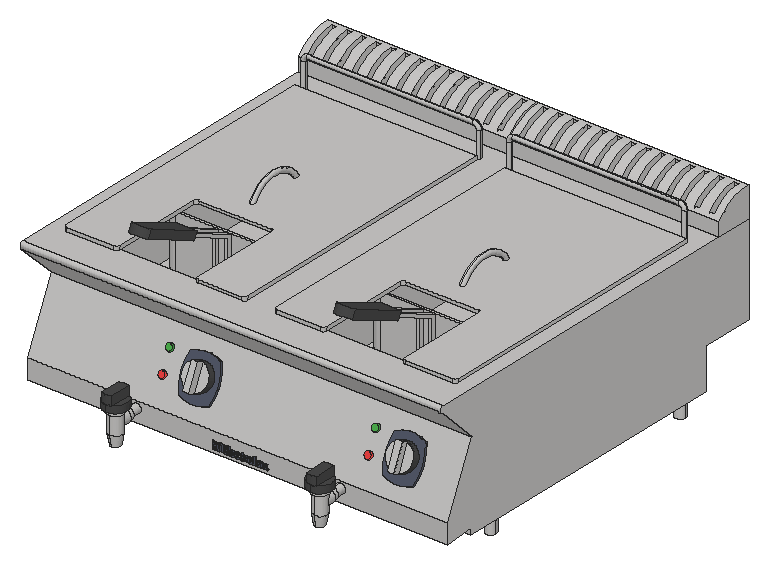
Revit family "QF_ELECTROLUXPROFESSIONAL_371143_E7FREH2E0N", category Specialty Equipment, Revit 2018
Family settings
  Round Connector Dimension = Use Diameter
  Part Type = Normal
  Work Plane-Based = No
  Always vertical = Yes
  Cut with Voids When Loaded = No
  Shared = No
  Room Calculation Point = No
Parameters
  Width = 800 mm  # constant formula
  Weight in Pounds = 99  # constant formula
  Watts = 17400 VA  # 17400 W
  Volts = 230 V  # constant formula
  URL Cutsheet = "www.electrolux.com/foodservice"
  URL = "www.electrolux.com/foodservice"
  Type Mark [instance] = ""
  Status [instance] = ""
  Specification by User [instance] = ""
  Specification by Manufacturer = ""
  Show Logo [instance] = yes
  Show Clearance [instance] = yes
  Serial Number = ""
  Seismic Rating = ""
  SMACNA No = ""
  Revision Code [instance] = ""
  Phase = 3  # constant formula
  Omniclass Number and Title = ""
  Number of Poles [instance] = 1
  NAFEM Spec ID Number = ""
  Model = "371143"
  Min Ckt Ampacity = 0 A
  Max Overcurrent Protection = 0 A
  Masterspec = ""
  Manufacturer = "ELECTROLUX"
  Item Number [instance] = ""
  Installed By [instance] = ""
  Identify Quantity as Lot [instance] = yes
  Height = 333 mm  # constant formula
  HP = "23.3 HP"
  Furnished By [instance] = ""
  Foodservice Equipment Identifier [instance] = yes
  FL Amps = if(Phase = 3, Watts / (Volts * 1.73), Watts / Volts)  # 43.7296 A
  Electrical Remarks [instance] = "230 V/3 ph/50/60 Hz"  # constant formula
  Electric Connection Type [instance] = ""
  Elec Conn RI Height [instance] = 0 mm
  Elec Conn Connection Height [instance] = 0 mm
  Direct Waste Size = 0"
  Description = "700XP Two 12 Lt. Wells Electric Fryer Top - 230V"
  Depth = 730 mm  # constant formula
  Cycle = if([60 Hertz Option], 60 Hz, 50 Hz)  # 60 Hz
  Conn Plug = ""
  Conn Conduit = yes
  CSI MasterFormat = ""
  CSI Master Format = ""
  Base Height [instance] = 25.4 mm  # constant formula
  Apparent Power = if(Phase = 3, Volts * FL Amps * 1.73, Volts * FL Amps)  # 17400 VA
  60 Hertz Option = not([50 Hertz Option])  # yes
  50 Hertz Option = no
Reference planes
  plane 1 "BACK": y = 0
  plane 2: z = 0
  plane 3 "LEFT": x = 0
  plane 4 "RIGHT": x = 800
  plane 5 "FRONT": y = -730
  plane 6 "TOP": z = 333
  plane 7 "Center Y": x = 400
  plane 8 "Center X": y = -365
  plane 9 "BASE": z = 25.4
  plane 10 "TOP A": z = 274.638
  plane 11: y = -597.884
  plane 12: y = -147.637
  plane 13: z = 366.713
Forms (mm)
  Extrusion 1, solid, material "QF_Finishes_Stainless Steel"
    sketch origin (0, 0, 0) x (0, 1, 0) y (0, 0, 1)
      loop
        line (0, 274.638) -> (-725.027, 274.638)
        arc (-725.027, 274.638) -> (-730.893, 270.718) -> (-729.517, 263.797) r 6.35
        line (-729.517, 263.797) -> (-657.416, 191.447) -> (-713.522, 70.59) -> (-713.522, 32.49) -> (-660.4, 38.1) -> (-660.4, 25.4) -> (-101.6, 25.4) -> (-101.6, 103.188) -> (0, 103.188) -> (0, 274.638)
    from 0 to 800
  Extrusion 2, solid, material "QF_Finishes_Stainless Steel"
    sketch origin (0, 0, 0) x (0, 1, 0) y (0, 0, 1)
      loop
        line (0, 274.638) -> (0, 333)
        arc (0, 333) -> (-38.795, 324.72) -> (-69.85, 300.038) r 86.758
        line (-69.85, 300.038) -> (-69.85, 274.638) -> (0, 274.638)
    from 0 to 800
  Extrusion 3, void
    sketch origin (0, 0, 274.638) x (-1, 0, 0) y (0, -1, 0)
      loop
        line (-33.338, 147.762) -> (-33.338, 655.762) -> (-373.012, 655.762) -> (-373.012, 147.762) -> (-33.338, 147.762)
      loop
        line (-766.662, 655.762) -> (-766.662, 147.762) -> (-426.987, 147.762) -> (-426.987, 655.762) -> (-766.662, 655.762)
    from 0 to -152.4
  Extrusion 4, void
    sketch origin (0, 0, 274.638) x (-1, 0, 0) y (0, -1, 0)
      loop
        line (-13.453, 6.761) -> (-13.453, 63.911) -> (-22.749, 63.911) -> (-22.749, 6.761) -> (-13.453, 6.761)
    from 25.4 to 63.5
  Extrusion 5, solid, material "QF_Finishes_Stainless Steel"
    sketch origin (0, 0, 0) x (1, 0, 0) y (0, 1, 0)
      loop
        circle (11.112, -147.638) r 9.525
      loop
        circle (11.112, -597.884) r 9.525
      loop
        circle (788.887, -147.638) r 9.525
      loop
        circle (788.887, -597.884) r 9.525
    from 0 to 25.4
  Extrusion 6, solid, material "QF_Finishes_Navy Blue"
    sketch origin (101.6, -713.522, 70.59) x (0, 0.421077, 0.907025) y (-1, 0, 0)
      loop
        arc (101.077, -565.788) -> (66.2, -558.771) -> (31.333, -565.832) r 89.894
        arc (31.333, -565.832) -> (24.638, -594.363) -> (31.333, -622.893) r 64.14
        arc (31.333, -622.893) -> (66.2, -629.955) -> (101.077, -622.938) r 89.894
        arc (101.077, -622.938) -> (107.792, -594.363) -> (101.077, -565.788) r 64.16
      loop
        arc (101.077, -177.065) -> (66.2, -170.048) -> (31.333, -177.11) r 89.894
        arc (31.333, -177.11) -> (24.638, -205.64) -> (31.333, -234.171) r 64.14
        arc (31.333, -234.171) -> (66.2, -241.236) -> (101.077, -234.215) r 89.853
        arc (101.077, -234.215) -> (107.792, -205.64) -> (101.077, -177.065) r 64.16
    from 0 to 3.175
  Extrusion 7, solid, material "QF_Finishes_Stainless Steel"
    sketch origin (101.6, -716.402, 71.927) x (0, 0.421077, 0.907025) y (-1, 0, 0)
      loop
        circle (68.826, -594.351) r 25.4
      loop
        circle (68.826, -205.413) r 25.4
    from 0 to 12.7
  Extrusion 8, solid, material "QF_Finishes_Stainless Steel"
    sketch origin (101.6, -727.921, 77.275) x (0, 0.421077, 0.907025) y (-1, 0, 0)
      loop
        arc (93.558, -600.137) -> (94.226, -594.351) -> (93.558, -588.564) r 25.4
        line (93.558, -588.564) -> (44.094, -588.564)
        arc (44.094, -588.564) -> (43.426, -594.351) -> (44.094, -600.137) r 25.4
        line (44.094, -600.137) -> (93.558, -600.137)
      loop
        arc (93.558, -211.199) -> (94.226, -205.413) -> (93.558, -199.627) r 25.4
        line (93.558, -199.627) -> (44.094, -199.627)
        arc (44.094, -199.627) -> (43.426, -205.413) -> (44.094, -211.199) r 25.4
        line (44.094, -211.199) -> (93.558, -211.199)
    from 0 to 12.7
  Extrusion 9, solid, material "QF_Finishes_Green"
    sketch origin (101.6, -713.522, 70.59) x (0, 0.421077, 0.907025) y (-1, 0, 0)
      loop
        circle (93.566, -530.485) r 6.35
      loop
        circle (93.566, -138.473) r 6.35
    from 0 to 3.175
  Extrusion 10, solid, material "QF_Finishes_Red"
    sketch origin (101.6, -713.522, 70.59) x (0, 0.421077, 0.907025) y (-1, 0, 0)
      loop
        circle (50.809, -530.485) r 6.35
      loop
        circle (50.809, -138.473) r 6.35
    from 0 to 3.175
  Revolve 11, solid, material "QF_Finishes_Stainless Steel"
    sketch origin (206.375, 0, 0) x (0, 1, 0) y (0, 0, 1)
      loop
        line (-762.926, 17.277) -> (-753.917, 17.277) -> (-750.301, 37.788) -> (-750.301, 74.129) -> (-747.023, 74.129) -> (-747.023, 82.008) -> (-740.673, 82.008) -> (-740.673, 94.708) -> (-762.926, 94.708) -> (-762.926, 17.277)
      axis (-762.926, 17.277) -> (-762.926, 94.708)
    angle from 0 to 360
  Revolve 12, solid, material "QF_Finishes_Stainless Steel"
    sketch origin (206.375, 0, 0) x (0, 1, 0) y (0, 0, 1)
      loop
        line (-713.522, 57.15) -> (-764.322, 57.15) -> (-764.322, 44.847) -> (-742.357, 44.847) -> (-742.357, 46.549) -> (-733.364, 46.549) -> (-733.364, 48.596) -> (-713.522, 48.596) -> (-713.522, 57.15)
      axis (-764.322, 57.15) -> (-713.522, 57.15)
    angle from 0 to 360
  Revolve 13, solid, material "QF_Finishes_Stainless Steel"
    sketch origin (595.312, 0, 0) x (0, 1, 0) y (0, 0, 1)
      loop
        line (-762.926, 17.277) -> (-753.917, 17.277) -> (-750.301, 37.788) -> (-750.301, 74.129) -> (-747.023, 74.129) -> (-747.023, 82.008) -> (-740.673, 82.008) -> (-740.673, 94.708) -> (-762.926, 94.708) -> (-762.926, 17.277)
      axis (-762.926, 17.277) -> (-762.926, 94.708)
    angle from 0 to 360
  Revolve 14, solid, material "QF_Finishes_Stainless Steel"
    sketch origin (595.312, 0, 0) x (0, 1, 0) y (0, 0, 1)
      loop
        line (-713.522, 57.15) -> (-764.322, 57.15) -> (-764.322, 44.847) -> (-742.357, 44.847) -> (-742.357, 46.549) -> (-733.364, 46.549) -> (-733.364, 48.596) -> (-713.522, 48.596) -> (-713.522, 57.15)
      axis (-764.322, 57.15) -> (-713.522, 57.15)
    angle from 0 to 360
  Extrusion 15, solid, material "QF_Finishes_Black"
    sketch origin (206.375, -762.926, 94.708) x (0, 1, 0) y (-1, 0, 0)
      loop
        line (20.063, 9.626) -> (-20.063, 9.626)
        arc (-20.063, 9.626) -> (-22.253, 0) -> (-20.063, -9.626) r 22.253
        line (-20.063, -9.626) -> (20.063, -9.626)
        arc (20.063, -9.626) -> (22.253, 0) -> (20.063, 9.626) r 22.253
      loop
        line (20.063, -379.312) -> (-20.063, -379.312)
        arc (-20.063, -379.312) -> (-22.253, -388.937) -> (-20.063, -398.563) r 22.253
        line (-20.063, -398.563) -> (20.063, -398.563)
        arc (20.063, -398.563) -> (22.253, -388.937) -> (20.063, -379.312) r 22.253
    from 0 to 16.412
  Extrusion 16, solid, material "QF_Finishes_Stainless Steel"
    sketch origin (0, -101.6, 103.188) x (0, 0, -1) y (-1, 0, 0)
      loop
        circle (43.882, -736.5) r 12.7
    from 0 to 12.7
  Extrusion 17, solid, material "QF_Finishes_Clearance", visible <- "Show Clearance", detail levels coarse
    sketch origin (0, 0, 0) x (1, 0, 0) y (0, 1, 0)
      loop
        line (0, -731.377) -> (0, 0) -> (800, 0) -> (800, -731.377) -> (950.019, -731.377) -> (950.019, 150.019) -> (-150.019, 150.019) -> (-150.019, -731.377) -> (0, -731.377)
    from 0 to 333
  Extrusion 18, solid, material "QF_Finishes_Stainless Steel"
    sketch origin (0, 0, 274.638) x (-1, 0, 0) y (0, -1, 0)
      loop
        arc (-26.988, 655.762) -> (-28.847, 660.252) -> (-33.338, 662.112) r 6.35
        line (-33.338, 662.112) -> (-122.238, 662.112)
        arc (-122.238, 662.112) -> (-126.728, 660.252) -> (-128.588, 655.762) r 6.35
        line (-128.588, 655.762) -> (-128.588, 481.012)
        arc (-128.588, 481.012) -> (-130.447, 476.521) -> (-134.938, 474.662) r 6.35
        line (-134.938, 474.662) -> (-271.412, 474.662)
        arc (-271.412, 474.662) -> (-275.903, 476.521) -> (-277.762, 481.012) r 6.35
        line (-277.762, 481.012) -> (-277.762, 655.762)
        arc (-277.762, 655.762) -> (-279.622, 660.252) -> (-284.112, 662.112) r 6.35
        line (-284.112, 662.112) -> (-366.662, 662.112)
        arc (-366.662, 662.112) -> (-371.153, 660.252) -> (-373.012, 655.762) r 6.35
        line (-373.012, 655.762) -> (-373.012, 112.837) -> (-26.988, 112.837) -> (-26.988, 655.762)
      loop
        line (-773.012, 655.762) -> (-773.012, 112.837) -> (-426.987, 112.837) -> (-426.987, 655.762)
        arc (-426.987, 655.762) -> (-428.847, 660.252) -> (-433.337, 662.112) r 6.35
        line (-433.337, 662.112) -> (-515.887, 662.112)
        arc (-515.887, 662.112) -> (-520.378, 660.252) -> (-522.237, 655.762) r 6.35
        line (-522.237, 655.762) -> (-522.237, 481.012)
        arc (-522.237, 481.012) -> (-524.097, 476.521) -> (-528.587, 474.662) r 6.35
        line (-528.587, 474.662) -> (-665.062, 474.662)
        arc (-665.062, 474.662) -> (-669.553, 476.521) -> (-671.412, 481.012) r 6.35
        line (-671.412, 481.012) -> (-671.412, 655.762)
        arc (-671.412, 655.762) -> (-673.272, 660.252) -> (-677.762, 662.112) r 6.35
        line (-677.762, 662.112) -> (-766.662, 662.112)
        arc (-766.662, 662.112) -> (-771.153, 660.252) -> (-773.012, 655.762) r 6.35
    from 0 to 6.35
  Sweep 19, solid, material "QF_Finishes_Stainless Steel"
    path origin (0, 36.513, 0) x (1, 0, 0) y (0, 0, 1)
      loop
        line (39.688, 274.638) -> (39.688, 323.475)
        arc (39.688, 323.475) -> (41.547, 327.965) -> (46.038, 329.825) r 6.35
        line (46.038, 329.825) -> (362.669, 329.825)
        arc (362.669, 329.825) -> (367.16, 327.965) -> (369.019, 323.475) r 6.35
        line (369.019, 323.475) -> (369.019, 274.637)
    profile origin (39.688, 36.513, 299.056) x (-1, 0, 0) y (0, -1, 0)
      loop
        circle (2.09, 140.754) r 3.827
  Extrusion 20, solid, material "QF_Finishes_Black"
    sketch origin (271.462, -708.83, 366.66) x (0, 0.906308, -0.422618) y (-1, 0, 0)
      loop
        line (10.103, 47.37) -> (128.716, 47.37) -> (128.716, 84.605) -> (10.103, 84.605)
        arc (10.103, 84.605) -> (-0.124, 65.987) -> (10.103, 47.37) r 22.059
    from -15.884 to 0
  Extrusion 21, solid, material "QF_Finishes_Stainless Steel"
    sketch origin (271.463, 41.275, 0) x (0, 1, 0) y (0, 0, 1)
      loop
        line (-547.91, 165.638) -> (-547.91, 267.115) -> (-635.463, 307.942) -> (-638.147, 302.187) -> (-554.26, 263.07) -> (-554.26, 165.638) -> (-547.91, 165.638)
    from -80.476 to -74.619
  Extrusion 22, solid, material "QF_Finishes_Stainless Steel"
    sketch origin (139.588, 41.275, 0) x (0, 1, 0) y (0, 0, -1)
      loop
        line (-554.26, -263.07) -> (-638.147, -302.187) -> (-635.463, -307.942) -> (-547.91, -267.115) -> (-547.91, -165.638) -> (-554.26, -165.638) -> (-554.26, -263.07)
    from -80.476 to -74.619
  Sweep 23, solid, material "QF_Finishes_Stainless Steel"
    path origin (200.025, -0.124, 0) x (0, 1, 0) y (0, 0, 1)
      loop
        arc (-323.261, 274.638) -> (-377.7, 308.416) -> (-432.139, 274.638) r 60.757
    profile origin (200.025, -377.824, 308.416) x (0, 0, -1) y (1, 0, 0)
      loop
        circle (0, 0) r 4.353
  Sweep 24, solid, material "QF_Finishes_Stainless Steel"
    path origin (600.075, -0.124, 0) x (0, 1, 0) y (0, 0, -1)
      loop
        arc (-323.261, -274.638) -> (-377.7, -308.416) -> (-432.139, -274.638) r 60.757
    profile origin (600.075, -377.824, 308.416) x (0, 0, 1) y (-1, 0, 0)
      loop
        circle (0, 0) r 4.353
  Extrusion 25, solid, material "QF_Finishes_Black"
    sketch origin (528.637, -708.83, 366.66) x (0, 0.906308, -0.422618) y (-1, 0, 0)
      loop
        arc (10.103, -47.27) -> (-0.124, -65.887) -> (10.103, -84.505) r 22.059
        line (10.103, -84.505) -> (128.716, -84.505) -> (128.716, -47.27) -> (10.103, -47.27)
    from -15.884 to 0
  Extrusion 26, solid, material "QF_Finishes_Mesh"
    sketch origin (0, 0, 274.638) x (-1, 0, 0) y (0, -1, 0)
      loop
        arc (-116.625, 189.135) -> (-98.665, 196.575) -> (-91.225, 214.535) r 25.4
        line (-91.225, 214.535) -> (-91.225, 481.11)
        arc (-91.225, 481.11) -> (-98.665, 499.071) -> (-116.625, 506.51) r 25.4
        line (-116.625, 506.51) -> (-294.375, 506.51)
        arc (-294.375, 506.51) -> (-312.336, 499.071) -> (-319.775, 481.11) r 25.4
        line (-319.775, 481.11) -> (-319.775, 214.535)
        arc (-319.775, 214.535) -> (-312.336, 196.575) -> (-294.375, 189.135) r 25.4
        line (-294.375, 189.135) -> (-116.625, 189.135)
      loop
        arc (-116.625, 192.31) -> (-100.91, 198.82) -> (-94.4, 214.535) r 22.225
        line (-94.4, 214.535) -> (-94.4, 481.11)
        arc (-94.4, 481.11) -> (-100.91, 496.826) -> (-116.625, 503.335) r 22.225
        line (-116.625, 503.335) -> (-294.375, 503.335)
        arc (-294.375, 503.335) -> (-310.091, 496.826) -> (-316.6, 481.11) r 22.225
        line (-316.6, 481.11) -> (-316.6, 214.535)
        arc (-316.6, 214.535) -> (-310.091, 198.82) -> (-294.375, 192.31) r 22.225
        line (-294.375, 192.31) -> (-116.625, 192.31)
      loop
        line (-683.375, 189.135) -> (-505.625, 189.135)
        arc (-505.625, 189.135) -> (-487.664, 196.575) -> (-480.225, 214.535) r 25.4
        line (-480.225, 214.535) -> (-480.225, 481.11)
        arc (-480.225, 481.11) -> (-487.664, 499.071) -> (-505.625, 506.51) r 25.4
        line (-505.625, 506.51) -> (-683.375, 506.51)
        arc (-683.375, 506.51) -> (-701.335, 499.071) -> (-708.775, 481.11) r 25.4
        line (-708.775, 481.11) -> (-708.775, 214.535)
        arc (-708.775, 214.535) -> (-701.335, 196.575) -> (-683.375, 189.135) r 25.4
      loop
        line (-683.375, 192.31) -> (-505.625, 192.31)
        arc (-505.625, 192.31) -> (-489.909, 198.82) -> (-483.4, 214.535) r 22.225
        line (-483.4, 214.535) -> (-483.4, 481.11)
        arc (-483.4, 481.11) -> (-489.909, 496.826) -> (-505.625, 503.335) r 22.225
        line (-505.625, 503.335) -> (-683.375, 503.335)
        arc (-683.375, 503.335) -> (-699.09, 496.826) -> (-705.6, 481.11) r 22.225
        line (-705.6, 481.11) -> (-705.6, 214.535)
        arc (-705.6, 214.535) -> (-699.09, 198.82) -> (-683.375, 192.31) r 22.225
    from -109 to -5.315
  Extrusion 27, solid, material "QF_Finishes_Stainless Steel"
    sketch origin (528.637, 41.275, 0) x (0, 1, 0) y (0, 0, -1)
      loop
        line (-547.91, -165.638) -> (-554.26, -165.638) -> (-554.26, -263.07) -> (-638.147, -302.187) -> (-635.463, -307.942) -> (-547.91, -267.115) -> (-547.91, -165.638)
    from -80.476 to -74.619
  Extrusion 28, solid, material "QF_Finishes_Stainless Steel"
    sketch origin (660.512, 41.275, 0) x (0, 1, 0) y (0, 0, 1)
      loop
        line (-554.26, 263.07) -> (-554.26, 165.638) -> (-547.91, 165.638) -> (-547.91, 267.115) -> (-635.463, 307.942) -> (-638.147, 302.187) -> (-554.26, 263.07)
    from -80.476 to -74.619
  Sweep 29, solid, material "QF_Finishes_Stainless Steel"
    path origin (800.1, 36.513, 0) x (-1, 0, 0) y (0, 0, -1)
      loop
        line (39.788, -274.638) -> (39.788, -323.475)
        arc (39.788, -323.475) -> (41.647, -327.965) -> (46.138, -329.825) r 6.35
        line (46.138, -329.825) -> (362.769, -329.825)
        arc (362.769, -329.825) -> (367.26, -327.965) -> (369.119, -323.475) r 6.35
        line (369.119, -323.475) -> (369.119, -274.637)
    profile origin (760.312, 36.513, 299.056) x (-1, 0, 0) y (0, -1, 0)
      loop
        circle (-2.09, 140.754) r 3.827
  Extrusion 30, void
    sketch origin (361.95, 0, 274.638) x (-1, 0, 0) y (0, -1, 0)
      loop
        line (-13.403, 6.761) -> (-13.403, 63.911) -> (-22.699, 63.911) -> (-22.699, 6.761) -> (-13.403, 6.761)
    from 25.4 to 63.5
  Extrusion 31, void
    sketch origin (27.842, 0, 274.638) x (-1, 0, 0) y (0, -1, 0)
      loop
        line (-13.453, 6.761) -> (-13.453, 63.911) -> (-22.749, 63.911) -> (-22.749, 6.761) -> (-13.453, 6.761)
    from 25.4 to 63.5
  Extrusion 32, void
    sketch origin (55.685, 0, 274.638) x (-1, 0, 0) y (0, -1, 0)
      loop
        line (-13.453, 6.761) -> (-13.453, 63.911) -> (-22.749, 63.911) -> (-22.749, 6.761) -> (-13.453, 6.761)
    from 25.4 to 63.5
  Extrusion 33, void
    sketch origin (83.527, 0, 274.638) x (-1, 0, 0) y (0, -1, 0)
      loop
        line (-13.453, 6.761) -> (-13.453, 63.911) -> (-22.749, 63.911) -> (-22.749, 6.761) -> (-13.453, 6.761)
    from 25.4 to 63.5
  Extrusion 34, void
    sketch origin (111.369, 0, 274.638) x (-1, 0, 0) y (0, -1, 0)
      loop
        line (-13.453, 6.761) -> (-13.453, 63.911) -> (-22.749, 63.911) -> (-22.749, 6.761) -> (-13.453, 6.761)
    from 25.4 to 63.5
  Extrusion 35, void
    sketch origin (139.212, 0, 274.638) x (-1, 0, 0) y (0, -1, 0)
      loop
        line (-13.453, 6.761) -> (-13.453, 63.911) -> (-22.749, 63.911) -> (-22.749, 6.761) -> (-13.453, 6.761)
    from 25.4 to 63.5
  Extrusion 36, void
    sketch origin (167.054, 0, 274.638) x (-1, 0, 0) y (0, -1, 0)
      loop
        line (-13.453, 6.761) -> (-13.453, 63.911) -> (-22.749, 63.911) -> (-22.749, 6.761) -> (-13.453, 6.761)
    from 25.4 to 63.5
  Extrusion 37, void
    sketch origin (194.896, 0, 274.638) x (-1, 0, 0) y (0, -1, 0)
      loop
        line (-13.403, 6.761) -> (-13.403, 63.911) -> (-22.699, 63.911) -> (-22.699, 6.761) -> (-13.403, 6.761)
    from 25.4 to 63.5
  Extrusion 38, void
    sketch origin (222.738, 0, 274.638) x (-1, 0, 0) y (0, -1, 0)
      loop
        line (-13.403, 6.761) -> (-13.403, 63.911) -> (-22.699, 63.911) -> (-22.699, 6.761) -> (-13.403, 6.761)
    from 25.4 to 63.5
  Extrusion 39, void
    sketch origin (250.581, 0, 274.638) x (-1, 0, 0) y (0, -1, 0)
      loop
        line (-13.403, 6.761) -> (-13.403, 63.911) -> (-22.699, 63.911) -> (-22.699, 6.761) -> (-13.403, 6.761)
    from 25.4 to 63.5
  Extrusion 40, void
    sketch origin (278.423, 0, 274.638) x (-1, 0, 0) y (0, -1, 0)
      loop
        line (-13.403, 6.761) -> (-13.403, 63.911) -> (-22.699, 63.911) -> (-22.699, 6.761) -> (-13.403, 6.761)
    from 25.4 to 63.5
  Extrusion 41, void
    sketch origin (306.265, 0, 274.638) x (-1, 0, 0) y (0, -1, 0)
      loop
        line (-13.403, 6.761) -> (-13.403, 63.911) -> (-22.699, 63.911) -> (-22.699, 6.761) -> (-13.403, 6.761)
    from 25.4 to 63.5
  Extrusion 42, void
    sketch origin (334.108, 0, 274.638) x (-1, 0, 0) y (0, -1, 0)
      loop
        line (-13.403, 6.761) -> (-13.403, 63.911) -> (-22.699, 63.911) -> (-22.699, 6.761) -> (-13.403, 6.761)
    from 25.4 to 63.5
  Extrusion 43, void
    sketch origin (800.1, 0, 274.638) x (1, 0, 0) y (0, 1, 0)
      loop
        line (-13.553, -6.761) -> (-22.849, -6.761) -> (-22.849, -63.911) -> (-13.553, -63.911) -> (-13.553, -6.761)
    from 25.4 to 63.5
  Extrusion 44, void
    sketch origin (438.15, 0, 274.638) x (1, 0, 0) y (0, 1, 0)
      loop
        line (-13.503, -6.761) -> (-22.799, -6.761) -> (-22.799, -63.911) -> (-13.503, -63.911) -> (-13.503, -6.761)
    from 25.4 to 63.5
  Extrusion 45, void
    sketch origin (772.258, 0, 274.638) x (1, 0, 0) y (0, 1, 0)
      loop
        line (-13.553, -6.761) -> (-22.849, -6.761) -> (-22.849, -63.911) -> (-13.553, -63.911) -> (-13.553, -6.761)
    from 25.4 to 63.5
  Extrusion 46, void
    sketch origin (744.415, 0, 274.638) x (1, 0, 0) y (0, 1, 0)
      loop
        line (-13.553, -6.761) -> (-22.849, -6.761) -> (-22.849, -63.911) -> (-13.553, -63.911) -> (-13.553, -6.761)
    from 25.4 to 63.5
  Extrusion 47, void
    sketch origin (716.573, 0, 274.638) x (1, 0, 0) y (0, 1, 0)
      loop
        line (-13.553, -6.761) -> (-22.849, -6.761) -> (-22.849, -63.911) -> (-13.553, -63.911) -> (-13.553, -6.761)
    from 25.4 to 63.5
  Extrusion 48, void
    sketch origin (688.731, 0, 274.638) x (1, 0, 0) y (0, 1, 0)
      loop
        line (-13.553, -6.761) -> (-22.849, -6.761) -> (-22.849, -63.911) -> (-13.553, -63.911) -> (-13.553, -6.761)
    from 25.4 to 63.5
  Extrusion 49, void
    sketch origin (660.888, 0, 274.638) x (1, 0, 0) y (0, 1, 0)
      loop
        line (-13.553, -6.761) -> (-22.849, -6.761) -> (-22.849, -63.911) -> (-13.553, -63.911) -> (-13.553, -6.761)
    from 25.4 to 63.5
  Extrusion 50, void
    sketch origin (633.046, 0, 274.638) x (1, 0, 0) y (0, 1, 0)
      loop
        line (-13.553, -6.761) -> (-22.849, -6.761) -> (-22.849, -63.911) -> (-13.553, -63.911) -> (-13.553, -6.761)
    from 25.4 to 63.5
  Extrusion 51, void
    sketch origin (605.204, 0, 274.638) x (1, 0, 0) y (0, 1, 0)
      loop
        line (-13.503, -6.761) -> (-22.799, -6.761) -> (-22.799, -63.911) -> (-13.503, -63.911) -> (-13.503, -6.761)
    from 25.4 to 63.5
  Extrusion 52, void
    sketch origin (577.362, 0, 274.638) x (1, 0, 0) y (0, 1, 0)
      loop
        line (-13.503, -6.761) -> (-22.799, -6.761) -> (-22.799, -63.911) -> (-13.503, -63.911) -> (-13.503, -6.761)
    from 25.4 to 63.5
  Extrusion 53, void
    sketch origin (549.519, 0, 274.638) x (1, 0, 0) y (0, 1, 0)
      loop
        line (-13.503, -6.761) -> (-22.799, -6.761) -> (-22.799, -63.911) -> (-13.503, -63.911) -> (-13.503, -6.761)
    from 25.4 to 63.5
  Extrusion 54, void
    sketch origin (521.677, 0, 274.638) x (1, 0, 0) y (0, 1, 0)
      loop
        line (-13.503, -6.761) -> (-22.799, -6.761) -> (-22.799, -63.911) -> (-13.503, -63.911) -> (-13.503, -6.761)
    from 25.4 to 63.5
  Extrusion 55, void
    sketch origin (493.835, 0, 274.638) x (1, 0, 0) y (0, 1, 0)
      loop
        line (-13.503, -6.761) -> (-22.799, -6.761) -> (-22.799, -63.911) -> (-13.503, -63.911) -> (-13.503, -6.761)
    from 25.4 to 63.5
  Extrusion 56, void
    sketch origin (465.992, 0, 274.638) x (1, 0, 0) y (0, 1, 0)
      loop
        line (-13.503, -6.761) -> (-22.799, -6.761) -> (-22.799, -63.911) -> (-13.503, -63.911) -> (-13.503, -6.761)
    from 25.4 to 63.5
  Extrusion 57, void
    sketch origin (418.151, 0, 274.638) x (1, 0, 0) y (0, 1, 0)
      loop
        line (-16.563, 0) -> (-19.738, 0) -> (-19.738, -69.85) -> (-16.563, -69.85) -> (-16.563, 0)
    from 25.4 to 63.5
  Extrusion 58, solid, material "QF_Finishes_Navy Blue", visible <- "Show Logo"
    sketch origin (65.136, -713.772, 32.49) x (0, 0, 1) y (-1, 0, 0)
      loop
        line (20.674, -296.698) -> (8.307, -296.698)
        arc (8.307, -296.698) -> (14.491, -301.27) -> (20.674, -296.698) r 6.467
      loop
        arc (20.674, -296.069) -> (19.505, -290.926) -> (14.849, -288.448) r 6.338
        line (14.849, -288.448) -> (14.849, -290.494)
        arc (14.849, -290.494) -> (16.333, -294.149) -> (19.778, -296.069) r 5.941
        line (19.778, -296.069) -> (20.674, -296.069)
      loop
        arc (9.203, -296.069) -> (12.648, -294.149) -> (14.132, -290.494) r 5.941
        line (14.132, -290.494) -> (14.132, -288.448)
        arc (14.132, -288.448) -> (9.438, -290.922) -> (8.148, -296.069) r 6.504
        line (8.148, -296.069) -> (9.203, -296.069)
      loop
        line (21.349, -287.979) -> (7.604, -287.979) -> (7.604, -301.742) -> (21.349, -301.742) -> (21.349, -287.979)
      loop
        arc (21.432, -304.71) -> (21.085, -304.352) -> (20.718, -304.69) r 0.358
        arc (20.718, -304.69) -> (20.404, -305.44) -> (19.687, -305.825) r 1.216
        line (19.687, -305.825) -> (9.274, -305.825)
        arc (9.274, -305.825) -> (8.614, -305.548) -> (8.218, -304.951) r 1.238
        arc (8.218, -304.951) -> (7.823, -304.7) -> (7.518, -305.054) r 0.358
        line (7.518, -305.054) -> (7.518, -314.933) -> (10.269, -314.933) -> (10.269, -314.036)
        arc (10.269, -314.036) -> (9.36, -313.456) -> (8.904, -312.479) r 1.928
        line (8.904, -312.479) -> (8.904, -309.98)
        arc (8.904, -309.98) -> (9.18, -309.251) -> (9.868, -308.887) r 1.101
        line (9.868, -308.887) -> (13.955, -308.887) -> (13.955, -312.561)
        arc (13.955, -312.561) -> (13.602, -313.058) -> (13.037, -313.286) r 1.083
        arc (13.037, -313.286) -> (12.773, -313.591) -> (13.065, -313.869) r 0.292
        line (13.065, -313.869) -> (16.028, -313.869)
        arc (16.028, -313.869) -> (16.33, -313.596) -> (16.092, -313.266) r 0.305
        arc (16.092, -313.266) -> (15.601, -313.018) -> (15.296, -312.561) r 1.083
        line (15.296, -312.561) -> (15.296, -308.887) -> (19.973, -308.887) -> (19.973, -312.635)
        arc (19.973, -312.635) -> (19.759, -313.39) -> (19.153, -313.888) r 1.314
        arc (19.153, -313.888) -> (18.934, -314.292) -> (19.288, -314.585) r 0.361
        line (19.288, -314.585) -> (21.432, -314.585) -> (21.432, -304.71)
      loop
        arc (20.715, -315.365) -> (20.335, -316.284) -> (19.416, -316.664) r 1.299
        line (19.416, -316.664) -> (9.837, -316.664)
        arc (9.837, -316.664) -> (8.999, -316.286) -> (8.728, -315.408) r 1.118
        line (8.728, -315.408) -> (7.518, -315.408) -> (7.518, -320.758) -> (8.706, -320.758)
        arc (8.706, -320.758) -> (8.978, -319.841) -> (9.848, -319.445) r 1.153
        line (9.848, -319.445) -> (21.92, -319.445) -> (20.715, -315.365)
      loop
        line (12.483, -323.394) -> (12.483, -329.842) -> (13.282, -329.842)
        arc (13.282, -329.842) -> (15.862, -328.857) -> (17.131, -326.404) r 3.874
        line (17.131, -326.404) -> (17.131, -324.643)
        arc (17.131, -324.643) -> (15.944, -321.778) -> (13.08, -320.592) r 4.051
        line (13.08, -320.592) -> (11.072, -320.592)
        arc (11.072, -320.592) -> (8.253, -322.077) -> (7.202, -325.084) r 4.352
        arc (7.202, -325.084) -> (7.566, -327.547) -> (8.943, -329.621) r 5.713
        line (8.943, -329.621) -> (9.892, -329.621)
        arc (9.892, -329.621) -> (9.16, -328.052) -> (8.943, -326.334) r 5.579
        arc (8.943, -326.334) -> (9.737, -324.371) -> (11.616, -323.394) r 3.057
        line (11.616, -323.394) -> (12.483, -323.394)
      loop
        line (13.742, -323.394) -> (13.742, -326.977)
        arc (13.742, -326.977) -> (15.199, -327.024) -> (16.082, -325.864) r 1.59
        line (16.082, -325.864) -> (16.082, -325.034)
        arc (16.082, -325.034) -> (15.217, -323.779) -> (13.742, -323.394) r 2.184
      loop
        arc (16.533, -339.259) -> (17.022, -337.585) -> (17.179, -335.848) r 9.023
        line (17.179, -335.848) -> (17.179, -334.486)
        arc (17.179, -334.486) -> (16.02, -331.686) -> (13.22, -330.527) r 3.959
        line (13.22, -330.527) -> (10.62, -330.527)
        arc (10.62, -330.527) -> (8.338, -331.819) -> (7.221, -334.192) r 4.331
        line (7.221, -334.192) -> (7.221, -336.327)
        arc (7.221, -336.327) -> (7.729, -337.877) -> (8.651, -339.223) r 5.772
        arc (8.651, -339.223) -> (9.412, -339.274) -> (9.499, -338.515) r 0.553
        arc (9.499, -338.515) -> (9.111, -337.781) -> (8.977, -336.962) r 2.573
        line (8.977, -336.962) -> (8.977, -335.447)
        arc (8.977, -335.447) -> (9.983, -333.806) -> (11.798, -333.163) r 2.884
        line (11.798, -333.163) -> (13.077, -333.163)
        arc (13.077, -333.163) -> (14.898, -333.723) -> (15.824, -335.388) r 2.554
        line (15.824, -335.388) -> (15.824, -336.441)
        arc (15.824, -336.441) -> (15.493, -337.369) -> (14.836, -338.104) r 2.564
        arc (14.836, -338.104) -> (14.614, -338.821) -> (15.223, -339.259) r 0.643
        line (15.223, -339.259) -> (16.533, -339.259)
      loop
        line (15.515, -339.53) -> (15.515, -341.031) -> (9.467, -341.031)
        arc (9.467, -341.031) -> (7.879, -341.688) -> (7.221, -343.276) r 2.246
        line (7.221, -343.276) -> (7.221, -344.86)
        arc (7.221, -344.86) -> (7.535, -345.725) -> (8.035, -346.496) r 4.06
        arc (8.035, -346.496) -> (8.768, -346.629) -> (9.019, -345.928) r 0.576
        arc (9.019, -345.928) -> (8.913, -345.403) -> (8.977, -344.87) r 1.69
        arc (8.977, -344.87) -> (9.519, -344.082) -> (10.425, -343.779) r 1.506
        line (10.425, -343.779) -> (15.563, -343.779) -> (15.563, -346.176) -> (16.119, -346.733) -> (16.941, -346.733) -> (16.941, -343.873) -> (20.172, -343.873) -> (15.515, -339.53)
      loop
        line (7.438, -347.63) -> (7.438, -353.017) -> (8.548, -353.017)
        arc (8.548, -353.017) -> (8.942, -352.066) -> (9.893, -351.672) r 1.345
        line (9.893, -351.672) -> (13.509, -351.672)
        arc (13.509, -351.672) -> (14.274, -352.264) -> (14.564, -353.186) r 1.615
        line (14.564, -353.186) -> (14.564, -354.742) -> (17.119, -355.427) -> (17.119, -354.044) -> (15.177, -351.485) -> (17.057, -351.485) -> (16.773, -348.779)
        arc (16.773, -348.779) -> (16.333, -348.249) -> (15.674, -348.45) r 0.621
        arc (15.674, -348.45) -> (15.274, -348.792) -> (14.78, -348.975) r 1.501
        line (14.78, -348.975) -> (9.893, -348.975)
        arc (9.893, -348.975) -> (8.942, -348.581) -> (8.548, -347.63) r 1.345
        line (8.548, -347.63) -> (7.438, -347.63)
      loop
        line (13.54, -354.964) -> (10.848, -354.964)
        arc (10.848, -354.964) -> (8.403, -356.272) -> (7.269, -358.803) r 4.288
        arc (7.269, -358.803) -> (7.205, -360.183) -> (7.269, -361.563) r 15.022
        arc (7.269, -361.563) -> (8.403, -364.094) -> (10.848, -365.401) r 4.288
        line (10.848, -365.401) -> (13.54, -365.401)
        arc (13.54, -365.401) -> (15.986, -364.094) -> (17.119, -361.563) r 4.288
        arc (17.119, -361.563) -> (17.183, -360.183) -> (17.119, -358.803) r 15.022
        arc (17.119, -358.803) -> (15.986, -356.272) -> (13.54, -354.964) r 4.288
      loop
        line (13.745, -358.078) -> (10.643, -358.078)
        arc (10.643, -358.078) -> (8.486, -360.235) -> (10.643, -362.392) r 2.157
        line (10.643, -362.392) -> (13.745, -362.392)
        arc (13.745, -362.392) -> (15.902, -360.235) -> (13.745, -358.078) r 2.157
      loop
        arc (20.726, -365.26) -> (20.355, -366.154) -> (19.461, -366.524) r 1.264
        line (19.461, -366.524) -> (9.597, -366.524)
        arc (9.597, -366.524) -> (8.727, -366.127) -> (8.455, -365.211) r 1.153
        line (8.455, -365.211) -> (7.518, -365.211) -> (7.518, -370.319) -> (8.446, -370.319)
        arc (8.446, -370.319) -> (8.805, -369.547) -> (9.597, -369.232) r 1.153
        line (9.597, -369.232) -> (21.92, -369.232) -> (20.726, -365.26)
      loop
        arc (15.846, -369.857) -> (15.647, -370.921) -> (14.678, -371.403) r 1.215
        line (14.678, -371.403) -> (9.658, -371.403)
        arc (9.658, -371.403) -> (8.043, -372.051) -> (7.322, -373.634) r 2.338
        line (7.322, -373.634) -> (7.322, -375.148)
        arc (7.322, -375.148) -> (7.497, -376.152) -> (7.999, -377.038) r 2.979
        line (7.999, -377.038) -> (7.518, -378.835) -> (7.518, -380.524) -> (16.943, -380.524) -> (16.649, -376.32) -> (15.863, -376.32)
        arc (15.863, -376.32) -> (15.507, -377.156) -> (14.755, -377.665) r 1.605
        line (14.755, -377.665) -> (9.652, -377.665)
        arc (9.652, -377.665) -> (9.232, -376.728) -> (9.159, -375.704) r 2.94
        arc (9.159, -375.704) -> (9.72, -374.603) -> (10.873, -374.16) r 1.724
        line (10.873, -374.16) -> (17.07, -374.16) -> (15.846, -369.857)
      loop
        line (16.874, -381.377) -> (15.202, -383.423) -> (12.028, -385.729) -> (8.572, -382.617)
        arc (8.572, -382.617) -> (8.335, -382.223) -> (8.357, -381.764) r 0.789
        line (8.357, -381.764) -> (7.518, -381.764) -> (7.518, -385.309) -> (8.344, -385.309)
        arc (8.344, -385.309) -> (8.686, -384.947) -> (9.176, -385.039) r 0.52
        line (9.176, -385.039) -> (10.976, -386.51) -> (8.858, -387.886)
        arc (8.858, -387.886) -> (8.457, -387.576) -> (8.37, -387.076) r 0.7
        line (8.37, -387.076) -> (7.518, -387.076) -> (7.518, -393.003) -> (8.405, -393.003)
        arc (8.405, -393.003) -> (8.472, -392.344) -> (8.866, -391.813) r 1.247
        line (8.866, -391.813) -> (13.066, -388.532) -> (15.513, -390.585) -> (16.874, -392.327) -> (16.874, -388.604) -> (15.389, -389.026) -> (13.868, -387.749) -> (15.568, -386.559) -> (16.874, -387.336) -> (16.874, -381.377)
    from 0 to 1.644
Cuts and joins
  Extrusion 3, Extrusion 4 cuts Extrusion 1
  Extrusion 4, Extrusion 30, Extrusion 31, Extrusion 32, Extrusion 33, Extrusion 34, Extrusion 35, Extrusion 36, Extrusion 37, Extrusion 38, Extrusion 39, Extrusion 40, Extrusion 41, Extrusion 42, Extrusion 43, Extrusion 44, Extrusion 45, Extrusion 46, Extrusion 47, Extrusion 48, Extrusion 49, Extrusion 50, Extrusion 51, Extrusion 52, Extrusion 53, Extrusion 54, Extrusion 55, Extrusion 56, Extrusion 57 cuts Extrusion 2
  joined: Extrusion 7, Extrusion 8
  joined: Extrusion 18, Sweep 23, Sweep 24
  Extrusion 30, Extrusion 31, Extrusion 32, Extrusion 33, Extrusion 34, Extrusion 35, Extrusion 36, Extrusion 37, Extrusion 38, Extrusion 39, Extrusion 40, Extrusion 41, Extrusion 42, Extrusion 43, Extrusion 44, Extrusion 45, Extrusion 46, Extrusion 47, Extrusion 48, Extrusion 49, Extrusion 50, Extrusion 51, Extrusion 52, Extrusion 53, Extrusion 54, Extrusion 55, Extrusion 56, Extrusion 57 cuts Extrusion 17
Lines and regions (mm)
  symbolic lines, style "QF-Clearances", visible <- "Show Clearance", detail levels coarse
    curve 1: line (-150.019, 150.019, 274.638) -> (-150.019, -731.377, 274.638)
    curve 2: line (950.019, 150.019, 274.638) -> (-150.019, 150.019, 274.638)
    curve 3: line (950.019, -731.377, 274.638) -> (950.019, 150.019, 274.638)
  symbolic lines
    curve 4: line (0, 0, 274.638) -> (800, 0, 274.638)
    curve 5: line (0, -730, 274.638) -> (0, 0, 274.638)
    curve 6: line (800, -730, 274.638) -> (0, -730, 274.638)
    curve 7: line (800, 0, 274.638) -> (800, -730, 274.638)
    curve 8: line (22.699, -6.761, 274.638) -> (22.699, -63.911, 274.638)
    curve 9: line (13.403, -63.911, 274.638) -> (13.403, -6.761, 274.638)
    curve 10: line (13.403, -6.761, 274.638) -> (22.699, -6.761, 274.638)
    curve 11: line (26.937, -112.837, 274.638) -> (26.937, -655.762, 274.638)
    curve 12: arc (26.937, -655.762, 274.638) -> (28.812, -660.287, 274.638) -> (33.338, -662.162, 274.638) r 6.4
    curve 13: line (33.338, -662.162, 274.638) -> (122.188, -662.162, 274.638)
    curve 14: arc (122.188, -662.162, 274.638) -> (126.678, -660.302, 274.638) -> (128.538, -655.812, 274.638) r 6.35
    curve 15: line (128.538, -655.812, 274.638) -> (128.538, -481.012, 274.638)
    curve 16: arc (128.537, -481.012, 274.638) -> (130.397, -476.521, 274.638) -> (134.887, -474.662, 274.638) r 6.35
    curve 17: line (134.887, -474.662, 274.638) -> (271.412, -474.662, 274.638)
    curve 18: arc (271.412, -474.662, 274.638) -> (275.903, -476.521, 274.638) -> (277.762, -481.012, 274.638) r 6.35
    curve 19: line (277.762, -481.012, 274.638) -> (277.762, -655.812, 274.638)
    curve 20: arc (277.762, -655.812, 274.638) -> (279.622, -660.302, 274.638) -> (284.112, -662.162, 274.638) r 6.35
    curve 21: line (284.112, -662.162, 274.638) -> (366.662, -662.162, 274.638)
    curve 22: arc (366.662, -662.162, 274.638) -> (371.153, -660.302, 274.638) -> (373.012, -655.812, 274.638) r 6.35
    curve 23: line (373.012, -655.812, 274.638) -> (373.012, -112.837, 274.638)
    curve 24: line (373.012, -112.837, 274.638) -> (26.937, -112.837, 274.638)
    curve 25: line (0, -69.85, 274.638) -> (398.412, -69.85, 274.638)
    curve 26: line (224.093, -706.436, 274.638) -> (224.093, -592.174, 274.638)
    curve 27: line (224.093, -592.174, 274.638) -> (186.858, -592.174, 274.638)
    curve 28: line (186.858, -592.174, 274.638) -> (186.858, -706.436, 274.638)
    curve 29: spline (224.093, -706.436, 274.638) -> (221.86, -709.098, 274.638) -> (219.17, -711.386, 274.638) -> (216.096, -713.235, 274.638) -> (212.725, -714.594, 274.638) -> (209.152, -715.425, 274.638) -> (205.475, -715.705, 274.638) -> (201.799, -715.425, 274.638) -> (198.225, -714.594, 274.638) -> (194.855, -713.235, 274.638) -> (191.781, -711.386, 274.638) -> (189.09, -709.098, 274.638) -> (186.858, -706.436, 274.638)
    curve 30: line (128.538, -655.812, 274.638) -> (186.858, -655.812, 274.638)
    curve 31: line (224.093, -655.812, 274.638) -> (277.762, -655.812, 274.638)
    curve 32: line (196.794, -506.51, 274.638) -> (196.794, -592.174, 274.638)
    curve 33: line (190.937, -592.174, 274.638) -> (190.937, -506.51, 274.638)
    curve 34: line (220.014, -506.51, 274.638) -> (220.014, -592.174, 274.638)
    curve 35: line (214.157, -592.174, 274.638) -> (214.157, -506.51, 274.638)
    curve 36: spline (186.858, -699.723, 274.638) -> (189.09, -702.386, 274.638) -> (191.781, -704.673, 274.638) -> (194.855, -706.523, 274.638) -> (198.225, -707.882, 274.638) -> (201.799, -708.713, 274.638) -> (205.475, -708.992, 274.638) -> (209.152, -708.713, 274.638) -> (212.725, -707.882, 274.638) -> (216.096, -706.523, 274.638) -> (219.17, -704.673, 274.638) -> (221.86, -702.386, 274.638) -> (224.093, -699.723, 274.638)
    curve 37: line (195.52, -428.432, 274.638) -> (195.52, -326.969, 274.638)
    curve 38: line (204.418, -326.969, 274.638) -> (204.418, -428.432, 274.638)
    curve 39: arc (195.52, -428.432, 274.638) -> (199.969, -432.882, 274.638) -> (204.418, -428.432, 274.638) r 4.449
    curve 40: arc (195.52, -326.969, 274.638) -> (199.969, -322.52, 274.638) -> (204.418, -326.969, 274.638) r 4.449
    curve 41: line (128.538, -503.335, 274.638) -> (277.762, -503.335, 274.638)
    curve 42: line (128.538, -506.51, 274.638) -> (277.762, -506.51, 274.638)
    curve 43: line (773.012, -112.837, 274.638) -> (773.012, -655.762, 274.638)
    curve 44: arc (773.012, -655.762, 274.638) -> (771.153, -660.252, 274.638) -> (766.662, -662.112, 274.638) r 6.35
    curve 45: line (766.662, -662.112, 274.638) -> (677.762, -662.112, 274.638)
    curve 46: arc (677.762, -662.112, 274.638) -> (673.272, -660.252, 274.638) -> (671.412, -655.762, 274.638) r 6.35
    curve 47: line (671.412, -655.762, 274.638) -> (671.412, -481.012, 274.638)
    curve 48: arc (671.413, -481.012, 274.638) -> (669.553, -476.521, 274.638) -> (665.063, -474.662, 274.638) r 6.35
    curve 49: line (665.063, -474.662, 274.638) -> (528.538, -474.662, 274.638)
    curve 50: arc (528.538, -474.662, 274.638) -> (524.047, -476.521, 274.638) -> (522.188, -481.012, 274.638) r 6.35
    curve 51: line (522.188, -481.012, 274.638) -> (522.188, -655.762, 274.638)
    curve 52: arc (522.188, -655.762, 274.638) -> (520.328, -660.252, 274.638) -> (515.838, -662.112, 274.638) r 6.35
    curve 53: line (515.838, -662.112, 274.638) -> (433.338, -662.112, 274.638)
    curve 54: arc (433.338, -662.112, 274.638) -> (428.847, -660.252, 274.638) -> (426.988, -655.762, 274.638) r 6.35
    curve 55: line (426.988, -655.762, 274.638) -> (426.988, -112.837, 274.638)
    curve 56: line (426.988, -112.837, 274.638) -> (773.012, -112.837, 274.638)
    curve 57: line (575.857, -706.386, 274.638) -> (575.857, -592.174, 274.638)
    curve 58: line (575.857, -592.174, 274.638) -> (613.092, -592.174, 274.638)
    curve 59: line (613.092, -592.174, 274.638) -> (613.092, -706.386, 274.638)
    curve 60: spline (575.857, -706.386, 274.638) -> (578.09, -709.048, 274.638) -> (580.78, -711.336, 274.638) -> (583.854, -713.185, 274.638) -> (587.225, -714.544, 274.638) -> (590.798, -715.375, 274.638) -> (594.475, -715.655, 274.638) -> (598.151, -715.375, 274.638) -> (601.725, -714.544, 274.638) -> (605.095, -713.185, 274.638) -> (608.169, -711.336, 274.638) -> (610.86, -709.048, 274.638) -> (613.092, -706.386, 274.638)
    curve 61: line (671.412, -655.762, 274.638) -> (613.092, -655.762, 274.638)
    curve 62: line (575.857, -655.762, 274.638) -> (522.188, -655.762, 274.638)
    curve 63: line (603.156, -506.51, 274.638) -> (603.156, -592.174, 274.638)
    curve 64: line (609.013, -592.174, 274.638) -> (609.013, -506.51, 274.638)
    curve 65: line (579.936, -506.51, 274.638) -> (579.936, -592.174, 274.638)
    curve 66: line (585.793, -592.174, 274.638) -> (585.793, -506.51, 274.638)
    curve 67: spline (613.092, -699.673, 274.638) -> (610.86, -702.336, 274.638) -> (608.169, -704.623, 274.638) -> (605.095, -706.473, 274.638) -> (601.725, -707.832, 274.638) -> (598.151, -708.663, 274.638) -> (594.475, -708.942, 274.638) -> (590.798, -708.663, 274.638) -> (587.225, -707.832, 274.638) -> (583.854, -706.473, 274.638) -> (580.78, -704.623, 274.638) -> (578.09, -702.336, 274.638) -> (575.857, -699.673, 274.638)
    curve 68: line (604.43, -428.432, 274.638) -> (604.43, -326.969, 274.638)
    curve 69: line (595.532, -326.969, 274.638) -> (595.532, -428.432, 274.638)
    curve 70: arc (604.43, -428.432, 274.638) -> (599.981, -432.882, 274.638) -> (595.532, -428.432, 274.638) r 4.449
    curve 71: arc (604.43, -326.969, 274.638) -> (599.981, -322.52, 274.638) -> (595.532, -326.969, 274.638) r 4.449
    curve 72: line (671.412, -503.335, 274.638) -> (522.188, -503.335, 274.638)
    curve 73: line (671.412, -506.51, 274.638) -> (522.188, -506.51, 274.638)
    curve 74: line (37.548, -100.414, 274.638) -> (371.109, -100.414, 274.638)
    curve 75: line (37.548, -108.069, 274.638) -> (37.548, -100.414, 274.638)
    curve 76: line (371.109, -108.069, 274.638) -> (37.548, -108.069, 274.638)
    curve 77: line (371.109, -100.414, 274.638) -> (371.109, -108.069, 274.638)
    curve 78: line (428.891, -100.414, 274.638) -> (762.402, -100.414, 274.638)
    curve 79: line (428.891, -108.069, 274.638) -> (428.891, -100.414, 274.638)
    curve 80: line (762.402, -108.069, 274.638) -> (428.891, -108.069, 274.638)
    curve 81: line (762.402, -100.414, 274.638) -> (762.402, -108.069, 274.638)
    curve 82: arc (206.325, -785.179, 274.638) -> (228.578, -762.926, 274.638) -> (206.325, -740.673, 274.638) r 22.253
    curve 83: arc (206.325, -740.673, 274.638) -> (184.072, -762.926, 274.638) -> (206.325, -785.179, 274.638) r 22.253
    curve 84: line (196.699, -742.863, 274.638) -> (196.699, -782.989, 274.638)
    curve 85: line (215.951, -782.989, 274.638) -> (215.951, -742.863, 274.638)
    curve 86: line (217.439, -743.647, 274.638) -> (217.439, -730, 274.638)
    curve 87: line (195.318, -743.586, 274.638) -> (195.318, -730, 274.638)
    curve 88: arc (593.625, -785.179, 274.638) -> (571.372, -762.926, 274.638) -> (593.625, -740.673, 274.638) r 22.253
    curve 89: arc (593.625, -740.673, 274.638) -> (615.878, -762.926, 274.638) -> (593.625, -785.179, 274.638) r 22.253
    curve 90: line (603.251, -742.863, 274.638) -> (603.251, -782.989, 274.638)
    curve 91: line (583.999, -782.989, 274.638) -> (583.999, -742.863, 274.638)
    curve 92: line (582.511, -743.647, 274.638) -> (582.511, -730, 274.638)
    curve 93: line (604.632, -743.586, 274.638) -> (604.632, -730, 274.638)
    curve 94: line (384.649, -6.761, 274.638) -> (384.649, -63.911, 274.638)
    curve 95: line (375.353, -63.911, 274.638) -> (375.353, -6.761, 274.638)
    curve 96: line (375.353, -6.761, 274.638) -> (384.649, -6.761, 274.638)
    curve 97: line (50.541, -6.761, 274.638) -> (50.541, -63.911, 274.638)
    curve 98: line (41.245, -63.911, 274.638) -> (41.245, -6.761, 274.638)
    curve 99: line (41.245, -6.761, 274.638) -> (50.541, -6.761, 274.638)
    curve 100: line (78.383, -6.761, 274.638) -> (78.383, -63.911, 274.638)
    curve 101: line (69.087, -63.911, 274.638) -> (69.087, -6.761, 274.638)
    curve 102: line (69.087, -6.761, 274.638) -> (78.383, -6.761, 274.638)
    curve 103: line (106.225, -6.761, 274.638) -> (106.225, -63.911, 274.638)
    curve 104: line (96.93, -63.911, 274.638) -> (96.93, -6.761, 274.638)
    curve 105: line (96.93, -6.761, 274.638) -> (106.225, -6.761, 274.638)
    curve 106: line (134.068, -6.761, 274.638) -> (134.068, -63.911, 274.638)
    curve 107: line (124.772, -63.911, 274.638) -> (124.772, -6.761, 274.638)
    curve 108: line (124.772, -6.761, 274.638) -> (134.068, -6.761, 274.638)
    curve 109: line (161.91, -6.761, 274.638) -> (161.91, -63.911, 274.638)
    curve 110: line (152.614, -63.911, 274.638) -> (152.614, -6.761, 274.638)
    curve 111: line (152.614, -6.761, 274.638) -> (161.91, -6.761, 274.638)
    curve 112: line (189.752, -6.761, 274.638) -> (189.752, -63.911, 274.638)
    curve 113: line (180.457, -63.911, 274.638) -> (180.457, -6.761, 274.638)
    curve 114: line (180.457, -6.761, 274.638) -> (189.752, -6.761, 274.638)
    curve 115: line (217.595, -6.761, 274.638) -> (217.595, -63.911, 274.638)
    curve 116: line (208.299, -63.911, 274.638) -> (208.299, -6.761, 274.638)
    curve 117: line (208.299, -6.761, 274.638) -> (217.595, -6.761, 274.638)
    curve 118: line (245.437, -6.761, 274.638) -> (245.437, -63.911, 274.638)
    curve 119: line (236.141, -63.911, 274.638) -> (236.141, -6.761, 274.638)
    curve 120: line (236.141, -6.761, 274.638) -> (245.437, -6.761, 274.638)
    curve 121: line (273.279, -6.761, 274.638) -> (273.279, -63.911, 274.638)
    curve 122: line (263.984, -63.911, 274.638) -> (263.984, -6.761, 274.638)
    curve 123: line (263.984, -6.761, 274.638) -> (273.279, -6.761, 274.638)
    curve 124: line (301.122, -6.761, 274.638) -> (301.122, -63.911, 274.638)
    curve 125: line (291.826, -63.911, 274.638) -> (291.826, -6.761, 274.638)
    curve 126: line (291.826, -6.761, 274.638) -> (301.122, -6.761, 274.638)
    curve 127: line (328.964, -6.761, 274.638) -> (328.964, -63.911, 274.638)
    curve 128: line (319.668, -63.911, 274.638) -> (319.668, -6.761, 274.638)
    curve 129: line (319.668, -6.761, 274.638) -> (328.964, -6.761, 274.638)
    curve 130: line (356.806, -6.761, 274.638) -> (356.806, -63.911, 274.638)
    curve 131: line (347.511, -63.911, 274.638) -> (347.511, -6.761, 274.638)
    curve 132: line (347.511, -6.761, 274.638) -> (356.806, -6.761, 274.638)
    curve 133: line (777.251, -6.761, 274.638) -> (777.251, -63.911, 274.638)
    curve 134: line (786.547, -63.911, 274.638) -> (786.547, -6.761, 274.638)
    curve 135: line (786.547, -6.761, 274.638) -> (777.251, -6.761, 274.638)
    curve 136: line (415.301, -6.761, 274.638) -> (415.301, -63.911, 274.638)
    curve 137: line (424.597, -63.911, 274.638) -> (424.597, -6.761, 274.638)
    curve 138: line (424.597, -6.761, 274.638) -> (415.301, -6.761, 274.638)
    curve 139: line (749.409, -6.761, 274.638) -> (749.409, -63.911, 274.638)
    curve 140: line (758.705, -63.911, 274.638) -> (758.705, -6.761, 274.638)
    curve 141: line (758.705, -6.761, 274.638) -> (749.409, -6.761, 274.638)
    curve 142: line (721.567, -6.761, 274.638) -> (721.567, -63.911, 274.638)
    curve 143: line (730.863, -63.911, 274.638) -> (730.863, -6.761, 274.638)
    curve 144: line (730.863, -6.761, 274.638) -> (721.567, -6.761, 274.638)
    curve 145: line (693.725, -6.761, 274.638) -> (693.725, -63.911, 274.638)
    curve 146: line (703.02, -63.911, 274.638) -> (703.02, -6.761, 274.638)
    curve 147: line (703.02, -6.761, 274.638) -> (693.725, -6.761, 274.638)
    curve 148: line (665.882, -6.761, 274.638) -> (665.882, -63.911, 274.638)
    curve 149: line (675.178, -63.911, 274.638) -> (675.178, -6.761, 274.638)
    curve 150: line (675.178, -6.761, 274.638) -> (665.882, -6.761, 274.638)
    curve 151: line (638.04, -6.761, 274.638) -> (638.04, -63.911, 274.638)
    curve 152: line (647.336, -63.911, 274.638) -> (647.336, -6.761, 274.638)
    curve 153: line (647.336, -6.761, 274.638) -> (638.04, -6.761, 274.638)
    curve 154: line (610.198, -6.761, 274.638) -> (610.198, -63.911, 274.638)
    curve 155: line (619.493, -63.911, 274.638) -> (619.493, -6.761, 274.638)
    curve 156: line (619.493, -6.761, 274.638) -> (610.198, -6.761, 274.638)
    curve 157: line (582.355, -6.761, 274.638) -> (582.355, -63.911, 274.638)
    curve 158: line (591.651, -63.911, 274.638) -> (591.651, -6.761, 274.638)
    curve 159: line (591.651, -6.761, 274.638) -> (582.355, -6.761, 274.638)
    curve 160: line (554.513, -6.761, 274.638) -> (554.513, -63.911, 274.638)
    curve 161: line (563.809, -63.911, 274.638) -> (563.809, -6.761, 274.638)
    curve 162: line (563.809, -6.761, 274.638) -> (554.513, -6.761, 274.638)
    curve 163: line (526.671, -6.761, 274.638) -> (526.671, -63.911, 274.638)
    curve 164: line (535.966, -63.911, 274.638) -> (535.966, -6.761, 274.638)
    curve 165: line (535.966, -6.761, 274.638) -> (526.671, -6.761, 274.638)
    curve 166: line (498.828, -6.761, 274.638) -> (498.828, -63.911, 274.638)
    curve 167: line (508.124, -63.911, 274.638) -> (508.124, -6.761, 274.638)
    curve 168: line (508.124, -6.761, 274.638) -> (498.828, -6.761, 274.638)
    curve 169: line (470.986, -6.761, 274.638) -> (470.986, -63.911, 274.638)
    curve 170: line (480.282, -63.911, 274.638) -> (480.282, -6.761, 274.638)
    curve 171: line (480.282, -6.761, 274.638) -> (470.986, -6.761, 274.638)
    curve 172: line (443.144, -6.761, 274.638) -> (443.144, -63.911, 274.638)
    curve 173: line (452.439, -63.911, 274.638) -> (452.439, -6.761, 274.638)
    curve 174: line (452.439, -6.761, 274.638) -> (443.144, -6.761, 274.638)
    curve 175: line (401.587, -69.85, 274.638) -> (401.587, 0, 274.638)
    curve 176: line (398.412, 0, 274.638) -> (398.412, -69.85, 274.638)
    curve 177: line (401.587, -69.85, 274.638) -> (800, -69.85, 274.638)
  symbolic lines, style "SpecialityEquipment"
    curve 178: line (13.453, -63.911, 0) -> (22.749, -63.911, 0)
    curve 179: line (375.403, -63.911, 0) -> (384.699, -63.911, 0)
    curve 180: line (41.295, -63.911, 0) -> (50.591, -63.911, 0)
    curve 181: line (69.137, -63.911, 0) -> (78.433, -63.911, 0)
    curve 182: line (96.98, -63.911, 0) -> (106.275, -63.911, 0)
    curve 183: line (124.822, -63.911, 0) -> (134.118, -63.911, 0)
    curve 184: line (152.664, -63.911, 0) -> (161.96, -63.911, 0)
    curve 185: line (180.507, -63.911, 0) -> (189.802, -63.911, 0)
    curve 186: line (208.349, -63.911, 0) -> (217.645, -63.911, 0)
    curve 187: line (236.191, -63.911, 0) -> (245.487, -63.911, 0)
    curve 188: line (264.034, -63.911, 0) -> (273.329, -63.911, 0)
    curve 189: line (291.876, -63.911, 0) -> (301.172, -63.911, 0)
    curve 190: line (319.718, -63.911, 0) -> (329.014, -63.911, 0)
    curve 191: line (347.561, -63.911, 0) -> (356.856, -63.911, 0)
    curve 192: line (786.597, -63.911, 0) -> (777.301, -63.911, 0)
    curve 193: line (424.647, -63.911, 0) -> (415.351, -63.911, 0)
    curve 194: line (758.755, -63.911, 0) -> (749.459, -63.911, 0)
    curve 195: line (730.913, -63.911, 0) -> (721.617, -63.911, 0)
    curve 196: line (703.07, -63.911, 0) -> (693.775, -63.911, 0)
    curve 197: line (675.228, -63.911, 0) -> (665.932, -63.911, 0)
    curve 198: line (647.386, -63.911, 0) -> (638.09, -63.911, 0)
    curve 199: line (619.543, -63.911, 0) -> (610.248, -63.911, 0)
    curve 200: line (591.701, -63.911, 0) -> (582.405, -63.911, 0)
    curve 201: line (563.859, -63.911, 0) -> (554.563, -63.911, 0)
    curve 202: line (536.016, -63.911, 0) -> (526.721, -63.911, 0)
    curve 203: line (508.174, -63.911, 0) -> (498.878, -63.911, 0)
    curve 204: line (480.332, -63.911, 0) -> (471.036, -63.911, 0)
    curve 205: line (452.489, -63.911, 0) -> (443.194, -63.911, 0)
Dimensions and locks
  equal spacing: plane 3 "LEFT", plane 7 "Center Y", plane 4 "RIGHT"
  "Width": plane 3 "LEFT" to plane 4 "RIGHT"
  equal spacing: plane 5 "FRONT", plane 8 "Center X", plane 1 "BACK"
  "Depth": plane 5 "FRONT" to plane 1 "BACK"
  "Height": plane 6 "TOP" to level
  "Base Height": plane 9 "BASE" to level
  plane 1 "BACK" to plane 5 "FRONT" = 730 mm
  plane 10 "TOP A" to plane 9 "BASE" = 249.238 mm
  plane 13 to plane 10 "TOP A" = 92.075 mm
  plane 4 "RIGHT" to Extrusion 16 sketch curve = 63.5 mm
  aligned and locked: level to plane 2
  aligned and locked: plane 4 "RIGHT" to Extrusion 1
  aligned and locked: plane 4 "RIGHT" to Extrusion 2
  aligned and locked: Extrusion 5 to plane 9 "BASE"
  aligned and locked: plane 6 "TOP" to Extrusion 17
Automatic sketch dimensions
  plane 1 "BACK" to Extrusion 4 sketch curve = 6.761 mm
  plane 3 "LEFT" to Extrusion 4 sketch curve = 22.749 mm
  Extrusion 4 sketch curve to Extrusion 4 sketch curve = 9.296 mm
  Extrusion 4 sketch curve to Extrusion 4 sketch curve = 57.15 mm
  Extrusion 20 sketch curve to plane 7 "Center Y" = 175.907 mm
  Extrusion 20 sketch curve to Extrusion 20 sketch curve = 0 mm
  Extrusion 20 sketch curve to Extrusion 20 sketch curve = 11.832 mm
  Extrusion 20 sketch curve to Extrusion 20 sketch curve = 106.78 mm
  Extrusion 20 sketch curve to Extrusion 20 sketch curve = 18.617 mm
  Extrusion 21 sketch curve to plane 11 = 1.013 mm
  Extrusion 21 sketch curve to plane 11 = 3.696 mm
  Extrusion 21 sketch curve to plane 10 "TOP A" = 11.567 mm
  Extrusion 21 sketch curve to plane 11 = 84.899 mm
  Extrusion 21 sketch curve to plane 10 "TOP A" = 7.522 mm
  Extrusion 21 sketch curve to Extrusion 21 sketch curve = 6.35 mm
  Extrusion 21 sketch curve to Extrusion 21 sketch curve = 97.432 mm
  Extrusion 22 sketch curve to plane 11 = 1.013 mm
  Extrusion 22 sketch curve to plane 11 = 3.696 mm
  Extrusion 22 sketch curve to plane 10 "TOP A" = 11.567 mm
  Extrusion 22 sketch curve to plane 11 = 84.899 mm
  Extrusion 22 sketch curve to Extrusion 22 sketch curve = 6.35 mm
  Extrusion 22 sketch curve to plane 10 "TOP A" = 7.522 mm
  Extrusion 22 sketch curve to Extrusion 22 sketch curve = 97.432 mm
  Sweep 23 sketch curve to plane 10 "TOP A" = 0 mm  (x2)
  Sweep 23 sketch curve to plane 8 "Center X" = 67.263 mm
  Sweep 23 sketch curve to plane 8 "Center X" = 12.824 mm
  Sweep 23 sketch curve to plane 10 "TOP A" = 26.978 mm
  Sweep 23 sketch curve to profile plane = 0 mm  (x2)
  Sweep 24 sketch curve to plane 10 "TOP A" = 0 mm  (x2)
  Sweep 24 sketch curve to plane 8 "Center X" = 67.263 mm
  Sweep 24 sketch curve to plane 8 "Center X" = 12.824 mm
  Sweep 24 sketch curve to plane 10 "TOP A" = 26.978 mm
  Sweep 24 sketch curve to profile plane = 0 mm
  profile plane to Sweep 24 sketch curve = 0 mm
  plane 7 "Center Y" to Extrusion 25 sketch curve = 175.907 mm
  Extrusion 25 sketch curve to Extrusion 25 sketch curve = 0 mm
  Extrusion 25 sketch curve to Extrusion 25 sketch curve = 11.832 mm
  Extrusion 25 sketch curve to Extrusion 25 sketch curve = 106.78 mm
  Extrusion 25 sketch curve to Extrusion 25 sketch curve = 18.617 mm
  Extrusion 27 sketch curve to plane 11 = 1.013 mm
  Extrusion 27 sketch curve to plane 11 = 3.696 mm
  Extrusion 27 sketch curve to plane 10 "TOP A" = 11.567 mm
  Extrusion 27 sketch curve to plane 11 = 84.899 mm
  Extrusion 27 sketch curve to plane 10 "TOP A" = 7.522 mm
  Extrusion 27 sketch curve to Extrusion 27 sketch curve = 6.35 mm
  Extrusion 27 sketch curve to Extrusion 27 sketch curve = 97.432 mm
  Extrusion 28 sketch curve to plane 11 = 1.013 mm
  Extrusion 28 sketch curve to plane 11 = 3.696 mm
  Extrusion 28 sketch curve to plane 10 "TOP A" = 11.567 mm
  Extrusion 28 sketch curve to plane 11 = 84.899 mm
  Extrusion 28 sketch curve to Extrusion 28 sketch curve = 6.35 mm
  Extrusion 28 sketch curve to Extrusion 28 sketch curve = 97.432 mm
  Extrusion 28 sketch curve to plane 10 "TOP A" = 7.522 mm
  plane 1 "BACK" to Extrusion 30 sketch curve = 6.761 mm
  Extrusion 30 sketch curve to plane 7 "Center Y" = 15.351 mm
  Extrusion 30 sketch curve to Extrusion 30 sketch curve = 9.296 mm
